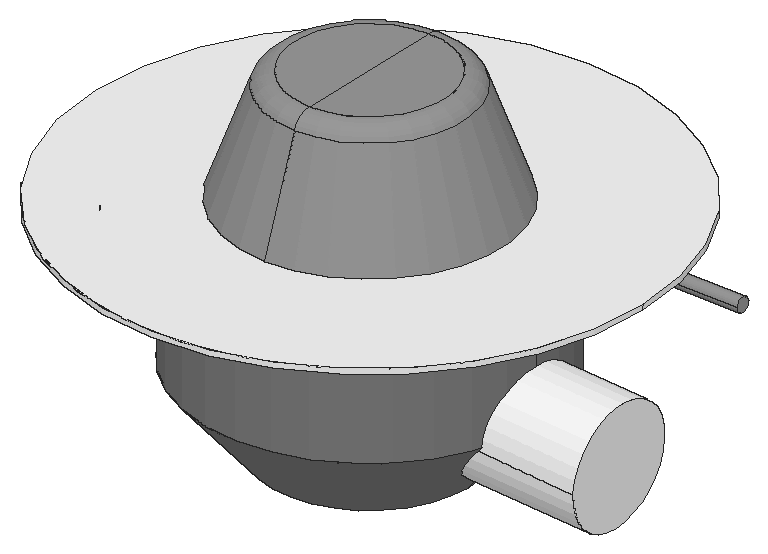
Revit family "HL_Dachablauf_HL64.1P-B-221103", category Instalační zařizovací předměty, Revit 2021
Family settings
  Kóta kulaté spojky = Použít průměr
  Typ dílu = Normální
  Číslo OmniClass = 23.70.50.21.24.14
  Nadpis OmniClass = Deck Waste Water Drains
  Založené na pracovní rovině = Ne
  Vždy vertikální = Ano
  Ořezat dutým tvarem při načtení = Ne
  Sdílené = Ne
  Bod výpočtu místnosti = Ano
Parameters (values of type "HL_Dachablauf_HL64.1P_7")
  Výchozí výška = 0 mm
  Výrobce = "HL Hutterer & Lechner GmbH"  # constant formula
  VOLUMENSTROM [instance] = 0.0 L/s
  URL = "http://www.hutterer-lechner.com/de/products/catalog/roof-drains/HL64.1P/7.aspx"
  RECHTSAUSKUNFT = "Urheberrechte (©), Designrechte und alle anderen Rechte am geistigen Eigentum, sind ausschließlich Eigentum der Firma HL Hutterer&Lechner GmbH. Änderungen sind nicht gestattet. Die Familien (Teile) sind mit Wasserzeichen geschützt."
  MATERIAL = "PVC"
  LEISTUNG = "6,9 l/s"
  GEWICHT = "1,74 [kg]"
  EAN = "9003076031443"
  DURCHMESSER = 75 mm
  DIMENSION = "DN75"
  Abdeckung Material [instance] = none
  Přípoj ventilace = no
  Přípoj odpadních dílů = yes
  Přípoj HW = no
  Přípoj CW = no
  Popis = "Dachabläufe"
  Model = "HL64.1P_7"
  Assembly Code = " "
  Komentáře k typům = "HL64.1P/7 Dachablauf DN75 waagrecht mit PVC_Kragen und Heizung (10_30W/230V),"
  Keynote = "HL64.1P_7"
  Einbauhöhe [instance] = 0 mm
  G [instance] = 90.00°  # constant formula
  D [instance] = if(DURCHMESSER = 75 mm, 162.8 mm, 178 mm)  # 162.8 mm
  C [instance] = if(Einbauhöhe - 68 mm < 0 mm, 0 mm, Einbauhöhe - 68 mm)  # 0 mm
  B [instance] = Einbauhöhe + if(DURCHMESSER = 75 mm, 101 mm, 84 mm)  # 101 mm
  A [instance] = if(B - 100 mm > 15 mm, B - 100 mm, 15 mm)  # 15 mm
Types (3, lengths in mm): name | URL | LEISTUNG | GEWICHT | EAN | DURCHMESSER | DIMENSION | Model | Komentáře k typům | Keynote | D | B
  (no name) | "http://www.hutterer-lechner.com/de/products/catalog/roof-drains/HL64.1P/7.aspx" | "6,9 l/s" | "1,74 [kg]" | "9003076031443" | 75 | "DN75" | "HL64.1P_7" | "HL64.1P/7 Dachablauf DN75 waagrecht mit PVC_Kragen und Heizung (10_30W/230V)," | "HL64.1P_7" | 162.8 | 101
  HL_Dachablauf_HL64.1P_1 | "http://www.hutterer-lechner.com/de/products/catalog/roof-drains/HL64.1P/1.aspx" | "7,8 l/s" | "1,128 [kg]" | "9003076031467" | 110 | "DN110" | "HL64.1P_1" | "HL64.1P/1 Dachablauf DN110 waagrecht mit PVC_Kragen und Heizung (10_30W/230V)," | "HL64.1P_1" | 178 | 84
  HL_Dachablauf_HL64.1P_7 | "http://www.hutterer-lechner.com/de/products/catalog/roof-drains/HL64.1P/7.aspx" | "6,9 l/s" | "1,74 [kg]" | "9003076031443" | 75 | "DN75" | "HL64.1P_7" | "HL64.1P/7 Dachablauf DN75 waagrecht mit PVC_Kragen und Heizung (10_30W/230V)," | "HL64.1P_7" | 162.8 | 101
Reference planes
  plane 1 "Center (Front/Back)": y = 0
  plane 2: z = 0
  plane 3 "Center (Left/Right)": x = 0
  plane 4: z = -101
  plane 5: z = 0
Lines and regions (mm)
  model lines, style "InvisibleLines"
    curve 1: line (0, 0, 0) -> (0, 0, 20)
  model lines, style "PlumbingFixtures", detail levels coarse+medium
    curve 2: line (0, 0, -101) -> (0, 0, -86)
    curve 3: line (0, 0, -86) -> (-86, 0, 0)
    curve 4: line (0, 0, -86) -> (86, 0, 0)
    curve 6: line (0, 0, -101) -> (162.8, 0, -101)
  reference lines, not visible
    curve 5: line (0, 0, -101) -> (162.8, 0, -101)
  symbolic lines, style "PlumbingFixtures", detail levels coarse+medium
    curve 7: line (-75, 75, 0) -> (75, 75, 0)
    curve 8: line (-75, -75, 0) -> (-75, 75, 0)
    curve 9: line (75, -75, 0) -> (-75, -75, 0)
    curve 10: line (75, 75, 0) -> (75, -75, 0)
    curve 11: line (-75, 75, 0) -> (-145.711, 145.711, 0)
    curve 12: line (75, 75, 0) -> (145.711, 145.711, 0)
    curve 13: line (-75, -75, 0) -> (-145.711, -145.711, 0)
    curve 14: line (75, -75, 0) -> (145.711, -145.711, 0)
  symbolic lines, style "PlumbingFixtures", not visible, detail levels coarse+medium
    curve 15: line (-75, 75, 0) -> (75, 75, 0)
    curve 16: line (-75, -75, 0) -> (-75, 75, 0)
    curve 17: line (75, -75, 0) -> (-75, -75, 0)
    curve 18: line (75, 75, 0) -> (75, -75, 0)
    curve 19: line (-75, 75, 0) -> (-145.711, 145.711, 0)
    curve 20: line (75, 75, 0) -> (145.711, 145.711, 0)
    curve 21: line (-75, -75, 0) -> (-145.711, -145.711, 0)
    curve 22: line (75, -75, 0) -> (145.711, -145.711, 0)
Text (mm)
  text "FLOOR" at (-162.344, 0, -10.979), in view "Drain Construction View"
Dimensions and locks
  "B": plane 2 to plane 4
  "Einbauhöhe": plane 2 to plane 5
  "A": curve 4 to plane 4
  "D": curve 5 to curve 5
  "D": curve 6 to curve 6
  locked: curve 4 to plane 3 "Center (Left/Right)" (angle 45.00°)
  locked: plane 3 "Center (Left/Right)" to curve 3 (angle 45.00°)
  "G": angle curve 5 to plane 3 "Center (Left/Right)"
  aligned and locked: level to plane 2
  aligned and locked: plane 2 to curve 4
  aligned and locked: plane 2 to curve 3
  aligned and locked: plane 4 to curve 5
  aligned and locked: plane 3 "Center (Left/Right)" to curve 5
  aligned and locked: plane 4 to curve 2
  aligned and locked: plane 3 "Center (Left/Right)" to curve 6
  aligned and locked: plane 4 to curve 6
  aligned and locked: nested 1 to plane 5
  aligned and locked: plane 3 "Center (Left/Right)" to nested 1
  aligned and locked: plane 2 to nested 2
  aligned and locked: plane 3 "Center (Left/Right)" to nested 2
Automatic sketch dimensions
  curve 2 to plane 3 "Center (Left/Right)" = 0 mm
  curve 1 to plane 3 "Center (Left/Right)" = 0 mm
  curve 1 to level = 0 mm
  level to curve 1 = 20 mm
Nested families
  nested 1: "HL_Dachablaufkörper_HL64.1P" at (0, 0, 0), DURCHMESSER <- "DURCHMESSER", type "HL_Dachablaufkörper_HL64.1P"
    with L 164 mm, DURCHMESSER 75 mm, B 101.3 mm, A 92.3 mm
  nested 2: "HL_Zubehör_HL062.1E" at (0, 0, 0), type "HL_Zubehör_HL062.1E"
Connectors
  piping at (162.8, 0, -101), diameter 75, driven by "VOLUMENSTROM", driven by "DURCHMESSER"
    settings: on curve 5, index 1, connector inside diameter 609.6 mm, connector length 0 mm, flow factor 0, pipe flow 0.0 L/s, pressure drop 0.0 Pa, fitting loss kfactor 0, connector angle 0.00°, fixture units 0, engagement length 0 mm, angle of deflection 0.00°, flow configuration 1, flow direction 2, fitting loss method 0, system type 16, joint type 0, gender type 0, connector reference index -1, connector utility 0, adjustable connector yes, is connector primary yes, connector description ""
Definition of nested family "HL_Dachablaufkörper_HL64.1P"
  Parameters (values of type "HL_Dachablaufkörper_HL64.1P")
    Default Elevation = 0 mm
    Manufacturer = ""
    URL = ""
    Description = ""
    Model = ""
    L [instance] = if(DURCHMESSER = 75 mm, 164 mm, 178 mm)  # 178 mm
    Type Comments = ""
    DURCHMESSER [instance] = 110 mm
    Cost = 0
    B [instance] = if(DURCHMESSER = 75 mm, 101.3 mm, 84 mm)  # 84 mm
    A [instance] = if(DURCHMESSER = 75 mm, 92.3 mm, 75 mm)  # 75 mm
  Reference planes
    plane 1 "Střed (vpředu/vzadu)": y = 0
    plane 2: z = 0
    plane 3 "Střed (vlevo/vpravo)": x = 0
  Forms (mm)
    Extrusion 1, solid, detail levels fine
      sketch origin (0, 0.019, 0) x (1, 0, 0) y (0, 1, 0)
        loop
          circle (0, 0) r 180
        loop
          circle (0, 0) r 78.913
      from 0 to -3.5
    Extrusion 2, solid, detail levels fine
      sketch origin (0, 0.019, -3.5) x (0, 1, 0) y (1, 0, 0)
        loop
          circle (0, 0) r 140
      from 0 to 18
    Extrusion 3, solid, detail levels fine
      sketch origin (0, 0.019, -21.5) x (-1, 0, 0) y (0, 1, 0)
        loop
          circle (0, 0) r 110
      from 0 to 73.906
    Blend 4, solid, detail levels fine
      base sketch origin (0, 0.019, -95.406) x (0, -1, 0) y (1, 0, 0)
        loop
          circle (0, 0) r 110
      top sketch origin (0, 0.019, -95.406) x (0, -1, 0) y (1, 0, 0)
        loop
          circle (0, 0) r 65
      from 0 to -53
    Revolve 5, void
      sketch origin (0, 0.019, 0) x (1, 0, 0) y (0, 0, 1)
        loop
          line (-78.913, 0) -> (-78.913, -16.281) -> (-74.694, -23.588) -> (-74.694, -24.914) -> (-75.511, -24.914) -> (-75.511, -30.304) -> (-64.679, -30.304) -> (-64.679, -32.804) -> (0, -32.804) -> (0, 0) -> (-78.913, 0)
        axis (0, 0) -> (0, -32.804)
      angle from 0 to 360
    Extrusion 6, solid, detail levels fine
      sketch origin (193.712, 65.055, -23.793) x (0, 1, 0) y (0, 0, 1)
        loop
          circle (0.061, -0.108) r 4.5
      from 0 to -120
    Extrusion 7, solid, detail levels fine
      sketch origin (179.491, 0, -54.515) x (0, -1, 0) y (-0.050497, 0, -0.998724)
        loop
          circle (0, 29.523) r 55
      from 0 to -99.364
  Cuts and joins
    Revolve 5 cuts Extrusion 1
    Revolve 5 cuts Extrusion 2
    Revolve 5 cuts Extrusion 3
  Lines and regions (mm)
    reference lines
      curve 1: line (0, 0, -75) -> (178, 0, -84)
  Dimensions and locks
    "B": plane 2 to curve 1
    curve 1 to plane 3 "Střed (vlevo/vpravo)" = 0 mm
    "A": plane 2 to curve 1
    "L": curve 1 to plane 3 "Střed (vlevo/vpravo)"
    "DURCHMESSER": diameter of Extrusion 7 sketch curve
    aligned and locked: level to plane 2
  Automatic sketch dimensions
    Extrusion 1 sketch curve to Extrusion 1 sketch curve = 0 mm  (x2)
    Extrusion 1 sketch curve to plane 3 "Střed (vlevo/vpravo)" = 0 mm
    Extrusion 1 sketch curve to plane 1 "Střed (vpředu/vzadu)" = 0.019 mm
    Revolve 5 sketch curve to level = 0 mm
    Revolve 5 sketch curve to plane 3 "Střed (vlevo/vpravo)" = 0 mm  (x2)
    Revolve 5 sketch curve to level = 30.304 mm
    Revolve 5 sketch curve to plane 3 "Střed (vlevo/vpravo)" = 64.679 mm
    Revolve 5 sketch curve to level = 23.588 mm
    Revolve 5 sketch curve to Revolve 5 sketch curve = 10.016 mm
    Revolve 5 sketch curve to Revolve 5 sketch curve = 0.817 mm
    Revolve 5 sketch curve to Revolve 5 sketch curve = 4.218 mm
    Revolve 5 sketch curve to level = 32.804 mm
    Revolve 5 sketch curve to Revolve 5 sketch curve = 1.326 mm
    Revolve 5 sketch curve to Revolve 5 sketch curve = 7.307 mm
    Revolve 5 sketch curve to Revolve 5 sketch curve = 25 mm
    Revolve 5 sketch curve to Revolve 5 sketch curve = 50 mm
    Extrusion 6 sketch curve to level = 23.9 mm
    Extrusion 6 sketch curve to plane 1 "Střed (vpředu/vzadu)" = 65.116 mm
    Extrusion 7 sketch curve to plane 1 "Střed (vpředu/vzadu)" = 0 mm
    radius of Extrusion 1 sketch curve = 180 mm
    radius of Extrusion 1 sketch curve = 78.913 mm
    radius of Extrusion 2 sketch curve to Extrusion 1 = 40 mm
    radius of Extrusion 3 sketch curve to Extrusion 2 = 30 mm
    radius of Blend 4 sketch curve to Extrusion 3 = 0 mm
    radius of Blend 4 sketch curve to Extrusion 3 = 45 mm
    radius of Extrusion 6 sketch curve = 4.5 mm
Definition of nested family "HL_Zubehör_HL062.1E"
  Parameters (values of type "HL_Zubehör_HL062.1E")
    Default Elevation = 0 mm
    Manufacturer = "HL Hutterer & Lechner GmbH"
    URL = "http://www.hutterer-lechner.com/de/products/catalog/roof-drains/HL062.1E.aspx"
    Abdeckung Material = none
    RECHTSAUSKUNFT = "Urheberrechte (©), Designrechte und alle anderen Rechte am geistigen Eigentum, sind ausschließlich Eigentum der Firma HL Hutterer&Lechner GmbH. Änderungen sind nicht gestattet. Die Familien (Teile) sind mit Wasserzeichen geschützt."
    Description = "Dachabläufe"
    Model = "HL062.1E"
    Type Comments = "HL062.1E, Laubfangkorb"
    Keynote = "HL062.1E"
    GEWICHT = "0,097 [kg]"
    Volumenstrom [instance] = 0.0 L/s
    EAN = "9003076006212"
    Cost = 0
  Values of the unnamed type that differ from the named types
    Manufacturer = ""
    URL = ""
    RECHTSAUSKUNFT = ""
    Description = ""
    Model = ""
    Type Comments = "HL062.1E, domed plastic grate"
    Keynote = ""
  Reference planes
    plane 1 "Střed (vpředu/vzadu)": y = 0
    plane 2: z = 0
    plane 3 "Střed (vlevo/vpravo)": x = 0
  Forms (mm)
    Revolve 1, solid, detail levels fine
      sketch origin (0, 0, 0) x (0, 1, 0) y (0, 0, 1)
        loop
          line (0, 75) -> (0, 60.2) -> (47.074, 60.2) -> (68.985, 0) -> (86.249, 0) -> (61.992, 66.646)
          arc (61.992, 66.646) -> (56.733, 72.731) -> (49.016, 75) r 14.255
          line (49.016, 75) -> (0, 75)
        axis (0, 75) -> (0, 0)
      angle from 0 to 360
    Extrusion 2, solid, detail levels fine
      sketch origin (0, 0, 0) x (0, 1, 0) y (1, 0, 0)
        loop
          circle (0, 0) r 78.587
        loop
          circle (0, 0) r 70.981
      from 0 to 16.7
    Extrusion 3, solid, detail levels fine
      sketch origin (0, 0, -16.7) x (-1, 0, 0) y (0, 1, 0)
        loop
          circle (0, 0) r 70
        loop
          circle (0, 0) r 74.546
      from 0 to 12.3
  Dimensions and locks
    aligned and locked: level to plane 2
